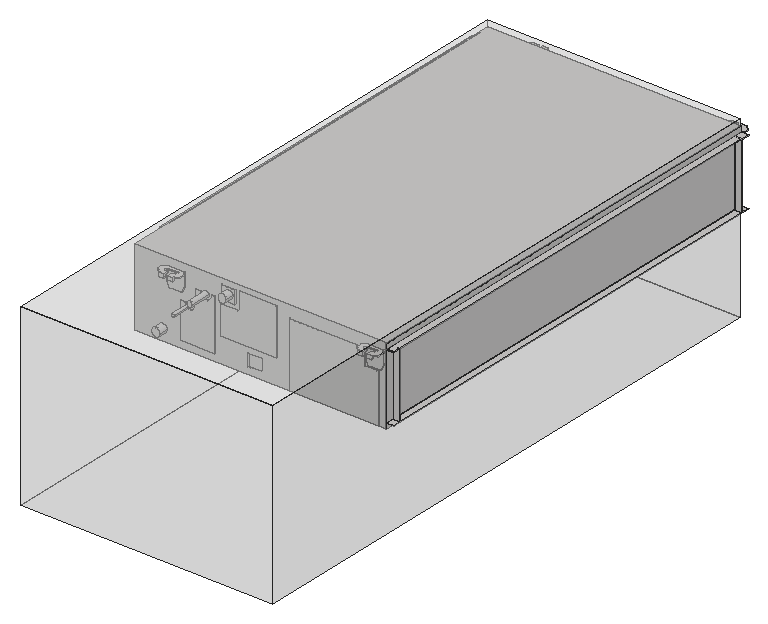
Revit family "outputfile", category 機械設備, Revit 2024
Family settings
  丸型コネクタ寸法 = 半径を使用
  パーツ タイプ = 標準
  OmniClass 番号 = 23.75.10.24.21.27.27
  OmniClass タイトル = Split System Air Conditioning Units
  作業面ベース = いいえ
  常に垂直 = はい
  ロード時にボイドで切り取り = いいえ
  注釈の向きを維持 = いいえ
  共有 = いいえ
  部屋計算ポイント = はい
Parameters (values of type "FBA30CV2S")
  製造元 = "Daikin"
  書き出し IFC クラス(タイプ) = "IfcUnitaryEquipmentType"
  定義済み IFC タイプ(タイプ) = "AIRCONDITIONINGUNIT"
  モデル = "FBA30CV2S"
  switch_frequency = yes
  r_Liquid Pipe Size = Liquid Pipe Size / 2  # 4.75 mm
  r_Gas Pipe Size = Gas Pipe Size / 2  # 7.95 mm
  r_Drain Pipe Size = Drain Pipe Size / 2  # 12.5 mm
  lw_power = 770.0 mm  # constant formula
  lh_SA = 138.0 mm  # constant formula
  lw_SA = if(Width = 550.0 mm, 225.0 mm, if(Width = 700.0 mm, 300.0 mm, if(Width = 1000.0 mm, 450.0 mm, if(Width = 1400.0 mm, 650.0 mm, 725.0 mm))))  # 650.0 mm
  lw_RA = if(Width = 550.0 mm, 275.0 mm, if(Width = 700.0 mm, 349.0 mm, if(Width = 1000.0 mm, 499.0 mm, if(Width = 1400.0 mm, 699.0 mm, 775.0 mm))))  # 699.0 mm
  lh_power = 60.0 mm + [h***]  # 60.0 mm
  lh_mountinghole1 = lh_mountinghole + [h***]  # 222.0 mm
  lh_RA = 123.0 mm  # constant formula
  ld_power = Width / 2  # 700.0 mm
  connector_voltage = Voltage_50Hz  # 220 V
  connector_powerinput = [Power Input (Cooling)]  # 2.540 kW
  connector_phase = Phase_50Hz  # 1
  Voltage_comment_50Hz = "220"
  Voltage_50Hz = 220 V
  Supply Air Direction [instance] = yes
  Phase_50Hz = 1
  Minimum External Static Pressure = 50.00 Pa
  Maximum External Static Pressure = 150.00 Pa
  Material_Casing = DAIKIN_GalvanizedSteel_Casing_indoorunit
  lw_mountinghole = 630.0 mm  # constant formula
  lh_gaspipe = 183.0 mm + [h***]  # 183.0 mm
  lh_mountinghole = 222.0 mm  # constant formula
  lh_liquidpipe = 136.0 mm + [h***]  # 136.0 mm
  lh_drainpipe = 207.0 mm + [h***]  # 207.0 mm
  lh_antena = Height - lh_mountinghole + 1.0 mm  # 24.0 mm
  ld_drainpipe = Width / 2 + 26.0 mm  # 726.0 mm
  ld_liquidpipe = Width / 2 + 69.0 mm  # 769.0 mm
  ld_gaspipe = Width / 2 + 65.0 mm  # 765.0 mm
  ld_mountinghole = Width + 38.0 mm  # 1438.0 mm
  h*** = 0.0 mm  # constant formula
  lw_liquidpipe = 179.0 mm  # constant formula
  lw_gaspipe = 229.0 mm  # constant formula
  lw_drainpipe = 300.0 mm  # constant formula
  Width = 1400.0 mm
  Version = "ver.1.0"
  Unit Type = "Duct"
  Unit Mass Weight = 47.00 kg
  Unit Designation [instance] = ""
  Uniclass2015Version = "Products v1.30"
  Uniclass2015Title = "Split coil room air conditioning units"
  Uniclass2015Code = "Pr_70_65_03_86"
  Total Cooling Capacity [instance] = 0.000 kW
  Sound Pressure Level_M speed (dBA) = 35.5
  Sound Pressure Level_L speed (dBA) = 33
  Sound Pressure Level_H speed (dBA) = 38
  Series = "SkyAir_Fan Coil Unit"
  Sensible Cooling Capacity [instance] = 0.000 kW
  SA Duct Size Width = 1192.0 mm
  SA Duct Size Height = 176.0 mm
  Refrigerant Type = "R32"
  RA Duct Size Width = 1352.0 mm
  RA Duct Size Height = 208.0 mm
  Power Input (Cooling) = 2.540 kW
  Option Accessory 3 [instance] = ""
  Option Accessory 2 [instance] = ""
  Option Accessory 1 [instance] = ""
  Nominal Cooling Capacity = 9.100 kW
  Minimum Airflow = 1350.00 m³/h
  Median Airflow = 1620.00 m³/h
  Maximum Airflow = 1920.00 m³/h
  Load Classification = HVAC
  Liquid Pipe Size = 9.5 mm
  Link_Nested Family [instance] = ""
  IfcVersion = ""
  IfcExportType = "AIRCONDITIONINGUNIT"
  IfcExportAs = "IfcUnitaryEquipmentType"
  Height = 245.0 mm
  Heat Exchanger Type = "Cross Fin Coil"
  Gas Pipe Size = 15.9 mm
  Frequency_50Hz = 50 Hz
  Fan Type = "Sirocco Fan"
  Fan Drive = "Direct Drive"
  FCU Tag No. [instance] = ""
  Drain Pipe Size = 25.0 mm
  Design Supply Airflow [instance] = 0.00 m³/h
  Design Return Airflow [instance] = 0.00 m³/h
  Design External Static Pressure [instance] = 0.00 Pa
  Depth = 800.0 mm
  既定の高さ = 0.0 mm
  Cooling Entering Wet Bulb Temperature [instance] = 0.00 °C
  Cooling Entering Dry Bulb Temperature [instance] = 0.00 °C
  Cooling Ambient Wet Bulb Temperature [instance] = 0.00 °C
  Cooling Ambient Dry Bulb Temperature [instance] = 0.00 °C
  Clearance visibility [instance] = yes
  Clearance Top = 20.0 mm
  Clearance Right = 0.0 mm
  Clearance Rear = 0.0 mm
  Clearance Left = 0.0 mm
  Clearance Front = 450.0 mm
  Clearance Bottom = 300.0 mm
Reference planes
  plane 1 "Center (Front/Back)": y = 0
  plane 2 "h": z = 0
  plane 3 "Center (Left/Right)": x = 0
  plane 4 "Back": y = 700
  plane 5 "Front": y = -700
  plane 6 "Left": x = -400
  plane 7 "Right": x = 400
  plane 8 "Top": z = 0
  plane 9 "Bottom": z = -245
  plane 10: y = -215
  plane 11: y = 700
  plane 12: y = -1150
  plane 13: x = -400
  plane 14: x = 400
  plane 15: z = 20
  plane 16: z = -545
  plane 17: x = -400
  plane 18: x = -399
  plane 19: x = 399
  plane 20: y = 50
  plane 21: y = -1
  plane 22: z = -122
  plane 23: y = -701
  plane 24: z = -109
  plane 25: x = -221
  plane 26: y = -765
  plane 27: z = -62
  plane 28: x = -171
  plane 29: y = -726
  plane 30: z = -38
  plane 31: x = -100
  plane 32: x = -100
  plane 33: x = -221
  plane 34: x = -171
  plane 35: x = 370
  plane 36: x = -266
  plane 37: x = 364
  plane 38: y = -719
  plane 39: y = 719
  plane 40: z = -23
  plane 41: z = -107
  plane 42: y = -769
  plane 43: z = -207
  plane 44: x = -309
  plane 45: y = -376
  plane 46: x = -251
  plane 47: x = -203
  plane 48: x = -144
  plane 49: z = -59
  plane 50: z = -106
  plane 51: z = -221
  plane 52: z = -109
  plane 53: x = -221
  plane 54: z = -62
  plane 55: x = -171
  plane 56: z = -17
  plane 57: z = -59
  plane 58: x = -121
  plane 59: x = -79
  plane 60: x = -125
  plane 61: x = -64
  plane 62: x = 53
  plane 63: z = -164
  plane 64: z = -73
  plane 65: z = -16
  plane 66: x = 93.5
  plane 67: x = 374.5
  plane 68: x = 330
  plane 69: z = -88.5
  plane 70: z = -38
  plane 71: z = -242.5
  plane 72: x = -38.5
  plane 73: x = 6.5
  plane 74: z = -181
  plane 75: z = -221
  plane 76: y = -699
  plane 77: x = -424
  plane 78: x = 424
Forms (mm)
  Extrusion 1, solid, material "DAIKIN_GalvanizedSteel_Casing_indoorunit" <- "Material_Casing"
    sketch origin (0, 0, 0) x (1, 0, 0) y (0, 1, 0)
      loop
        line (-399, 700) -> (-399, -700) -> (399, -700) -> (399, 700) -> (-399, 700)
    from -245 to 0
  Extrusion 2, solid, material "DAIKIN_GalvanizedSteel_Casing_indoorunit" <- "Material_Casing"
    sketch origin (0, 0, 0) x (1, 0, 0) y (0, 0, 1)
      loop
        line (-251, -221) -> (-144, -221) -> (-144, -59) -> (-154.47, -59)
        arc (-154.47, -59) -> (-171, -78.8) -> (-187.53, -59) r 16.8
        line (-187.53, -59) -> (-203, -59) -> (-203, -106) -> (-206.916, -106)
        arc (-206.916, -106) -> (-221, -123.4) -> (-235.084, -106) r 14.4
        line (-235.084, -106) -> (-251, -106) -> (-251, -221)
    from 700 to 701
  Extrusion 3, solid, material "DAIKIN_GalvanizedSteel_Casing_indoorunit" <- "Material_Casing"
    sketch origin (0, 0, 0) x (1, 0, 0) y (0, 0, 1)
      loop
        line (-121, -17) -> (-121, -59) -> (-79, -59) -> (-79, -17) -> (-121, -17)
      loop
        line (-125, -73) -> (-125, -164) -> (53, -164) -> (53, -16) -> (-64, -16) -> (-64, -73) -> (-125, -73)
    from 700 to 701
  Extrusion 4, solid, material "DAIKIN_GalvanizedSteel_Casing_indoorunit" <- "Material_Casing"
    sketch origin (0, 0, 0) x (1, 0, 0) y (0, 0, 1)
      loop
        line (93.5, -38) -> (93.5, -242.5) -> (374.5, -242.5) -> (374.5, -88.5) -> (330, -88.5) -> (330, -38) -> (93.5, -38)
    from 700 to 701
  Extrusion 5, solid, material "DAIKIN_GalvanizedSteel_Casing_indoorunit" <- "Material_Casing"
    sketch origin (0, 0, 0) x (1, 0, 0) y (0, 0, 1)
      loop
        circle (-221, -109) r 4.75
    from 700 to 769
  Extrusion 6, solid, material "DAIKIN_GalvanizedSteel_Casing_indoorunit" <- "Material_Casing"
    sketch origin (0, 0, 0) x (1, 0, 0) y (0, 0, 1)
      loop
        circle (-171, -62) r 7.95
    from 700 to 765
  Extrusion 7, solid, material "DAIKIN_GalvanizedSteel_Casing_indoorunit" <- "Material_Casing"
    sketch origin (0, 0, 0) x (1, 0, 0) y (0, 0, 1)
      loop
        circle (-100, -38) r 12.5
    from 701 to 726
  Extrusion 8, solid, material "DAIKIN_GalvanizedSteel_Casing_indoorunit" <- "Material_Casing"
    sketch origin (0, 0, 0) x (1, 0, 0) y (0, 0, 1)
      loop
        circle (-309, -207) r 13
    from 700 to 726
  Extrusion 9, void
    sketch origin (0, 0, 0) x (1, 0, 0) y (0, 0, 1)
      loop
        line (-38.5, -181) -> (-38.5, -221) -> (6.5, -221) -> (6.5, -181) -> (-38.5, -181)
    from 699 to 700
Cuts and joins
  Extrusion 9 cuts Extrusion 1
Dimensions and locks
  "Height": plane 8 "Top" to plane 9 "Bottom"
  equal spacing: plane 4 "Back", plane 1 "Center (Front/Back)", plane 5 "Front"
  "Width": plane 4 "Back" to plane 5 "Front"
  equal spacing: plane 6 "Left", plane 3 "Center (Left/Right)", plane 7 "Right"
  "Depth": plane 6 "Left" to plane 7 "Right"
  "Clearance Left": plane 13 to plane 6 "Left"
  "Clearance Right": plane 7 "Right" to plane 14
  "Clearance Rear": plane 11 to plane 4 "Back"
  "Clearance Front": plane 5 "Front" to plane 12
  "Clearance Top": plane 15 to plane 8 "Top"
  "Clearance Bottom": plane 9 "Bottom" to plane 16
  locked: plane 17 to plane 18 at 1
  locked: plane 19 to plane 14 at 1
  "lw_RA": plane 21 to plane 5 "Front"
  "lh_RA": plane 22 to plane 9 "Bottom"
  locked: plane 5 "Front" to plane 23 at 1
  "lw_liquidpipe": plane 25 to plane 6 "Left"
  "lh_liquidpipe": plane 24 to plane 9 "Bottom"
  "lh_gaspipe": plane 27 to plane 9 "Bottom"
  "lw_gaspipe": plane 28 to plane 6 "Left"
  "ld_gaspipe": plane 26 to plane 1 "Center (Front/Back)"
  "ld_drainpipe": plane 29 to plane 1 "Center (Front/Back)"
  "lh_drainpipe": plane 30 to plane 9 "Bottom"
  "lw_drainpipe": plane 31 to plane 6 "Left"
  "lw_drainpipe": plane 6 "Left" to plane 32
  "lw_liquidpipe": plane 6 "Left" to plane 33
  "lw_gaspipe": plane 6 "Left" to plane 34
  "lw_power": plane 6 "Left" to plane 35
  locked: plane 17 to plane 36 at 134
  "lw_mountinghole": plane 36 to plane 37
  equal spacing: plane 38, plane 1 "Center (Front/Back)", plane 39
  "ld_mountinghole": plane 39 to plane 38
  "lh_mountinghole": plane 40 to plane 9 "Bottom"
  "lh_SA": plane 41 to plane 9 "Bottom"
  locked: plane 44 to plane 6 "Left" at 91
  locked: plane 43 to plane 9 "Bottom" at 38
  plane 48 to plane 47 to plane 46 to plane 6 "Left" = 59.0 mm, 48.0 mm, 149.0 mm
  plane 8 "Top" to plane 49 to plane 50 to plane 51 = 59.0 mm locked, 47.0 mm locked, 115.0 mm locked
  plane 55 to plane 53 to plane 6 "Left" = 50.0 mm locked, 179.0 mm locked
  plane 54 to plane 52 to plane 9 "Bottom" = 47.0 mm locked, 136.0 mm locked
  plane 59 to plane 58 to plane 6 "Left" = 42.0 mm locked, 279.0 mm locked
  plane 8 "Top" to plane 56 to plane 57 = 17.0 mm locked, 42.0 mm locked
  plane 62 to plane 61 to plane 60 to plane 6 "Left" = 117.0 mm, 61.0 mm, 275.0 mm
  plane 8 "Top" to plane 65 to plane 64 = 16.0 mm locked, 57.0 mm locked
  locked: plane 65 to plane 63 at 148
  plane 8 "Top" to plane 70 to plane 69 to plane 71 = 38.0 mm locked, 50.5 mm locked, 154.0 mm locked
  plane 67 to plane 68 to plane 66 to plane 6 "Left" = 44.5 mm locked, 236.5 mm locked, 493.5 mm locked
  plane 8 "Top" to plane 74 to plane 75 = 181.0 mm locked, 40.0 mm locked
  plane 73 to plane 72 to plane 6 "Left" = 45.0 mm, 361.5 mm
  locked: plane 76 to plane 5 "Front" at 1
  locked: plane 77 to plane 17 at 24
  locked: plane 14 to plane 78 at 24
  "ld_liquidpipe": plane 42 to plane 1 "Center (Front/Back)"
  "lw_SA": plane 4 "Back" to plane 20
  "r_Liquid Pipe Size": radius of Extrusion 5 sketch curve
  "r_Gas Pipe Size": radius of Extrusion 6 sketch curve
  "r_Drain Pipe Size": radius of Extrusion 7 sketch curve
  aligned and locked: level to plane 2 "h"
  aligned and locked: plane 8 "Top" to Extrusion 1
  aligned and locked: Extrusion 1 to plane 9 "Bottom"
  aligned and locked: nested 5 to plane 12
  aligned and locked: plane 13 to nested 5
  aligned and locked: plane 14 to nested 5
  aligned and locked: nested 5 to plane 13
  aligned and locked: plane 11 to nested 5
  aligned and locked: plane 15 to nested 5
  aligned and locked: plane 16 to nested 5
  aligned and locked: plane 5 "Front" to Extrusion 1 sketch curve
  aligned and locked: Extrusion 1 to plane 18
  aligned and locked: plane 19 to Extrusion 1
  aligned and locked: nested 7 to plane 18
  aligned and locked: nested 7 to plane 20
  aligned and locked: plane 19 to nested 8
  aligned and locked: plane 21 to nested 8
  aligned and locked: plane 22 to nested 8
  aligned and locked: Extrusion 2 to plane 23
  aligned and locked: plane 5 "Front" to Extrusion 2
  aligned and locked: Extrusion 3 to plane 23
  aligned and locked: plane 5 "Front" to Extrusion 3
  aligned and locked: plane 5 "Front" to Extrusion 4
  aligned and locked: Extrusion 5 sketch curve to plane 25
  aligned and locked: plane 24 to Extrusion 5 sketch curve
  aligned and locked: plane 5 "Front" to Extrusion 5
  aligned and locked: Extrusion 6 sketch curve to plane 28
  aligned and locked: plane 27 to Extrusion 6 sketch curve
  aligned and locked: plane 5 "Front" to Extrusion 6
  aligned and locked: Extrusion 7 sketch curve to plane 31
  aligned and locked: Extrusion 7 sketch curve to plane 30
  aligned and locked: Extrusion 7 to plane 29
  aligned and locked: plane 23 to Extrusion 7
  aligned and locked: nested 3 to plane 29
  aligned and locked: nested 3 to plane 32
  aligned and locked: nested 2 to plane 33
  aligned and locked: nested 1 to plane 34
  aligned and locked: Extrusion 6 to plane 26
  aligned and locked: nested 1 to plane 26
  aligned and locked: nested 6 to plane 5 "Front"
  aligned and locked: nested 6 to plane 35
  aligned and locked: plane 36 to nested 10
  aligned and locked: nested 10 to plane 5 "Front"
  aligned and locked: plane 37 to nested 9
  aligned and locked: nested 9 to plane 5 "Front"
  aligned and locked: nested 11 to plane 36
  aligned and locked: plane 4 "Back" to nested 11
  aligned and locked: nested 12 to plane 37
  aligned and locked: plane 4 "Back" to nested 12
  aligned and locked: plane 40 to nested 10
  aligned and locked: plane 40 to nested 11
  aligned and locked: plane 40 to nested 9
  aligned and locked: plane 40 to nested 12
  aligned and locked: plane 36 to nested 14
  aligned and locked: nested 14 to plane 39
  aligned and locked: plane 37 to nested 13
  aligned and locked: nested 13 to plane 39
  aligned and locked: plane 37 to nested 16
  aligned and locked: plane 38 to nested 16
  aligned and locked: plane 38 to nested 15
  aligned and locked: plane 36 to nested 15
  aligned and locked: plane 17 to plane 6 "Left"
  aligned and locked: plane 41 to nested 7
  aligned and locked: Extrusion 5 to plane 42
  aligned and locked: nested 2 to plane 42
  aligned and locked: Extrusion 8 sketch curve to plane 44
  aligned and locked: plane 43 to Extrusion 8 sketch curve
  aligned and locked: plane 5 "Front" to Extrusion 8
  aligned and locked: Extrusion 3 sketch curve to plane 56
  aligned and locked: Extrusion 3 sketch curve to plane 58
  aligned and locked: plane 57 to Extrusion 3 sketch curve
  aligned and locked: plane 59 to Extrusion 3 sketch curve
  aligned and locked: Extrusion 4 to plane 23
  aligned and locked: Extrusion 9 sketch curve to plane 74
  aligned and locked: plane 75 to Extrusion 9 sketch curve
  aligned and locked: plane 73 to Extrusion 9 sketch curve
  aligned and locked: plane 5 "Front" to Extrusion 9
  aligned and locked: plane 76 to Extrusion 9
  aligned and locked: nested 17 to plane 20
  aligned and locked: nested 17 to plane 77
  aligned and locked: plane 21 to nested 18
  aligned and locked: plane 78 to nested 18
  aligned and locked: plane 41 to nested 17
  aligned and locked: nested 18 to plane 22
  aligned and locked: nested 4 to plane 3 "Center (Left/Right)"
  aligned and locked: plane 1 "Center (Front/Back)" to nested 4
  aligned and locked: level to plane 8 "Top"
  aligned and locked: Extrusion 8 to plane 29
Automatic sketch dimensions
  plane 6 "Left" to Extrusion 1 sketch curve = 1.0 mm
  Extrusion 1 sketch curve to plane 7 "Right" = 1.0 mm
  Extrusion 1 sketch curve to plane 4 "Back" = 0.0 mm
  Extrusion 2 sketch curve to plane 46 = 0.0 mm
  Extrusion 2 sketch curve to plane 33 = 0.0 mm
  Extrusion 2 sketch curve to plane 47 = 0.0 mm
  Extrusion 2 sketch curve to plane 34 = 0.0 mm
  Extrusion 2 sketch curve to plane 48 = 0.0 mm
  Extrusion 2 sketch curve to plane 51 = 0.0 mm
  Extrusion 2 sketch curve to plane 52 = 0.0 mm
  Extrusion 2 sketch curve to plane 50 = 0.0 mm  (x3)
  Extrusion 2 sketch curve to plane 54 = 0.0 mm
  Extrusion 2 sketch curve to plane 49 = 0.0 mm  (x3)
  plane 33 to Extrusion 2 sketch curve = 14.084 mm
  plane 34 to Extrusion 2 sketch curve = 16.53 mm
  Extrusion 3 sketch curve to plane 60 = 0.0 mm
  Extrusion 3 sketch curve to plane 61 = 0.0 mm
  Extrusion 3 sketch curve to plane 62 = 0.0 mm
  Extrusion 3 sketch curve to plane 63 = 0.0 mm
  Extrusion 3 sketch curve to plane 64 = 0.0 mm
  Extrusion 3 sketch curve to plane 65 = 0.0 mm
  Extrusion 4 sketch curve to plane 66 = 0.0 mm
  Extrusion 4 sketch curve to plane 68 = 0.0 mm
  Extrusion 4 sketch curve to plane 67 = 0.0 mm
  Extrusion 4 sketch curve to plane 71 = 0.0 mm
  Extrusion 4 sketch curve to plane 69 = 0.0 mm
  Extrusion 4 sketch curve to plane 70 = 0.0 mm
  Extrusion 9 sketch curve to plane 72 = 0.0 mm
  radius of Extrusion 8 sketch curve = 13.0 mm
Nested families
  nested 1: "daikin_connector_rotate2" at (-171, 0, -62), length <- "ld_gaspipe", built-in parameter 1001364 <- "lh_gaspipe", radius <- "r_Gas Pipe Size", type "daikin_connector_rotate2"
    with radius 7.95 mm, length 765.0 mm, angle_vertical 90.00°
  nested 2: "daikin_connector_rotate2" at (-221, 0, -109), length <- "ld_liquidpipe", built-in parameter 1001364 <- "lh_liquidpipe", radius <- "r_Liquid Pipe Size", type "daikin_connector_rotate2"
    with radius 4.75 mm, length 769.0 mm, angle_vertical 90.00°
  nested 3: "daikin_connector_rotate2" at (-100, 0, -38), length <- "ld_drainpipe", built-in parameter 1001364 <- "lh_drainpipe", radius <- "r_Drain Pipe Size", type "daikin_connector_rotate2"
    with radius 12.5 mm, length 726.0 mm, angle_vertical 90.00°
  nested 4: "daikin_△_symbolicline" at (0, 0, 245) x (0, -1, 0) z (0, 0, 1), built-in parameter 1001364 <- "Height", visible <- "Supply Air Direction", type "daikin_△_symbolicline"
    with length 200.0 mm
  nested 5: "daikin_clearancespace" at (0, -225, -262.381), visible <- "Clearance visibility", show <- "Clearance visibility", Link_Nested Family <- "Link_Nested Family", type "daikin_clearancespace"
    with width 800.0 mm, show yes, height 565.0 mm, depth 1850.0 mm, Link_Nested Family ""
  nested 6: "daikin_connector_rotate2" at (370, 0, -185), built-in parameter 1001364 <- "lh_power", length <- "ld_power", type "daikin_connector_rotate2"
    with radius 10.0 mm, length 700.0 mm, angle_vertical 90.00°
  nested 7: "daikin_ductflange_FBA-CV2S2" at (-399, 50, -107) x (0, -1, 0) z (0, 0, 1), type "daikin_ductflange_FBA-CV2S2"
  nested 8: "daikin_ductflange_FBA-CV2S" at (399, -1, -122) x (0, 1, 0) z (0, 0, 1), type "daikin_ductflange_FBA-CV2S"
    with width 1352.0 mm, lw 25.0 mm, w 1400.0 mm
  nested 9: "daikin_hangerfixture_FBA-CV2S" at (364, -700, -23), type "daikin_hangerfixture_FBA-CV2S"
  nested 10: "daikin_hangerfixture_FBA-CV2S" at (-266, -700, -23), type "daikin_hangerfixture_FBA-CV2S"
  nested 11: "daikin_hangerfixture_FBA-CV2S" at (-266, 700, -23) x (-1, 0, 0) z (0, 0, 1), type "daikin_hangerfixture_FBA-CV2S"
  nested 12: "daikin_hangerfixture_FBA-CV2S" at (364, 700, -23) x (-1, 0, 0) z (0, 0, 1), type "daikin_hangerfixture_FBA-CV2S"
  nested 13: "daikin_mountinghole" at (364, 719, -245), h_mountinghole <- "lh_mountinghole1", l_antenna <- "lh_antena", Link_Nested Family <- "Link_Nested Family", type "daikin_mountinghole"
    with show yes, l_antenna 24.0 mm, h_mountinghole 222.0 mm, Link_Nested Family ""
  nested 14: "daikin_mountinghole" at (-266, 719, -245), h_mountinghole <- "lh_mountinghole1", l_antenna <- "lh_antena", Link_Nested Family <- "Link_Nested Family", type "daikin_mountinghole"
    with show yes, l_antenna 24.0 mm, h_mountinghole 222.0 mm, Link_Nested Family ""
  nested 15: "daikin_mountinghole" at (-266, -719, -245), h_mountinghole <- "lh_mountinghole1", l_antenna <- "lh_antena", Link_Nested Family <- "Link_Nested Family", type "daikin_mountinghole"
    with show yes, l_antenna 24.0 mm, h_mountinghole 222.0 mm, Link_Nested Family ""
  nested 16: "daikin_mountinghole" at (364, -719, -245), h_mountinghole <- "lh_mountinghole1", l_antenna <- "lh_antena", Link_Nested Family <- "Link_Nested Family", type "daikin_mountinghole"
    with show yes, l_antenna 24.0 mm, h_mountinghole 222.0 mm, Link_Nested Family ""
  nested 17: "daikin_connector_rotate2" at (-400, 50, -107) x (0, -1, 0) z (0, 0, 1), type "daikin_connector_rotate2"
    with radius 10.0 mm, length 24.0 mm, angle_vertical 90.00°
  nested 18: "daikin_connector_rotate2" at (400, -1, -122) x (0, 1, 0) z (0, 0, 1), type "daikin_connector_rotate2"
    with radius 10.0 mm, length 24.0 mm, angle_vertical 90.00°
Connectors
  piping at (-100, -726, -38), diameter 25, driven by "r_Drain Pipe Size"
    settings: on nested 3, index 3, connector inside diameter 609.6 mm, connector length 0.0 mm, flow factor 0, pipe flow 0.00 m³/h, pressure drop 0.0 Pa, fitting loss kfactor 0, connector angle 0.00°, fixture units 0, engagement length 0.0 mm, angle of deflection 0.00°, flow configuration 1, flow direction 2, fitting loss method 4, system type 16, joint type 0, gender type 0, connector reference index -1, connector utility 0, adjustable connector no, is connector primary yes, connector description "Condensate Drain Piping"
  piping at (-171, -765, -62), diameter 15.9, driven by "r_Gas Pipe Size"
    settings: on nested 1, index 4, connector inside diameter 609.6 mm, connector length 0.0 mm, flow factor 0, pipe flow 0.00 m³/h, pressure drop 0.0 Pa, fitting loss kfactor 0, connector angle 0.00°, fixture units 0, engagement length 0.0 mm, angle of deflection 0.00°, flow configuration 1, flow direction 2, fitting loss method 0, system type 29, joint type 0, gender type 0, connector reference index -1, connector utility 0, adjustable connector no, is connector primary no, connector description "Refrigerant Gas Piping"
  piping at (-221, -769, -109), diameter 9.5, driven by "r_Liquid Pipe Size"
    settings: on nested 2, index 5, connector inside diameter 609.6 mm, connector length 0.0 mm, flow factor 0, pipe flow 0.00 m³/h, pressure drop 0.0 Pa, fitting loss kfactor 0, connector angle 0.00°, fixture units 0, engagement length 0.0 mm, angle of deflection 0.00°, flow configuration 1, flow direction 1, fitting loss method 0, system type 29, joint type 0, gender type 0, connector reference index -1, connector utility 0, adjustable connector no, is connector primary no, connector description "Refrigerant Liquid Piping"
  electrical at (370, -700, -185), driven by "Load Classification", driven by "connector_voltage", driven by "connector_phase", driven by "connector_powerinput"
    settings: on nested 6, index 6, voltage 220 V, apparent load 2540 VA, apparent load phase1 0 VA, apparent load phase2 0 VA, apparent load phase3 0 VA, power factor 1, load classification "HVAC", number of poles 1, system type 30, power factor state 1, is connector primary yes, connector utility no, sub classification motor no, connector description "Power Supply"
  hvac at (-424, 50, -107), driven by "SA Duct Size Height", driven by "SA Duct Size Width"
    settings: on nested 17, index 7, duct flow 0.00 m³/h, flow factor 0, pres drop 0.00 Pa, loss coef 0, conn angle 0.00°, conn width 1192.0 mm, conn height 176.0 mm, conn diameter 609.6 mm, duct sys type 1, conn prof type 1, flow config 0, flow direction 2, loss method 4, conn ref index -1, conn util no, is conn primary yes, conn desc "SA Duct"
  hvac at (424, -1, -122), driven by "RA Duct Size Height", driven by "RA Duct Size Width"
    settings: on nested 18, index 8, duct flow 0.00 m³/h, flow factor 0, pres drop 0.00 Pa, loss coef 0, conn angle 0.00°, conn width 1352.0 mm, conn height 208.0 mm, conn diameter 609.6 mm, duct sys type 2, conn prof type 1, flow config 0, flow direction 1, loss method 4, conn ref index -1, conn util no, is conn primary no, conn desc "RA Duct"
Definition of nested family "daikin_clearancespace"
  Parameters (values of type "daikin_clearancespace")
    Description = "daikin_clearancespace"
    width [instance] = 1823.963 mm
    show [instance] = yes
    material = none
    height [instance] = 1359.762 mm
    depth [instance] = 880.0 mm
    Default Elevation = 0.0 mm
    Link_Nested Family [instance] = ""
  Reference planes
    plane 1 "Center (Front/Back)": y = 0
    plane 2 "Center (Elevation)": z = -0.119
    plane 3 "Center (Left/Right)": x = 0
    plane 4: y = 440
    plane 5: y = -440
    plane 6 "Right": x = 911.982
    plane 7 "Left": x = -911.982
    plane 8 "Top": z = 679.762
    plane 9 "Bottom": z = -680
  Forms (mm)
    Extrusion 1, solid, material <- "material", visible <- "show"
      sketch origin (0, 0, 0) x (1, 0, 0) y (0, 1, 0)
        loop
          line (-911.982, 440) -> (-911.982, -440) -> (911.982, -440) -> (911.982, 440) -> (-911.982, 440)
      from -680 to 679.762
  Lines and regions (mm)
    symbolic lines, visible <- "show"
      curve 1: line (911.982, 440, 0) -> (-911.982, 440, 0)
      curve 2: line (-911.982, 440, 0) -> (-911.982, -440, 0)
      curve 3: line (-911.982, -440, 0) -> (911.982, -440, 0)
      curve 4: line (911.982, -440, 0) -> (911.982, 440, 0)
      curve 5: line (911.982, 0, 679.762) -> (-911.982, 0, 679.762)
      curve 6: line (911.982, 0, -680) -> (911.982, 0, 679.762)
      curve 7: line (-911.982, 0, -680) -> (911.982, 0, -680)
      curve 8: line (-911.982, 0, 679.762) -> (-911.982, 0, -680)
      curve 9: line (0, 440, 679.762) -> (0, -440, 679.762)
      curve 10: line (0, -440, 679.762) -> (0, -440, -680)
      curve 11: line (0, 440, -680) -> (0, 440, 679.762)
      curve 12: line (0, -440, -680) -> (0, 440, -680)
  Dimensions and locks
    "width": plane 7 "Left" to plane 6 "Right"
    "depth": plane 4 to plane 5
    "height": plane 8 "Top" to plane 9 "Bottom"
    equal spacing: plane 7 "Left", plane 3 "Center (Left/Right)", plane 6 "Right"
    equal spacing: plane 4, plane 1 "Center (Front/Back)", plane 5
    equal spacing: plane 8 "Top", plane 2 "Center (Elevation)", plane 9 "Bottom"
    aligned and locked: level to plane 2 "Center (Elevation)"
    aligned and locked: Extrusion 1 sketch curve to plane 4
    aligned and locked: plane 7 "Left" to Extrusion 1 sketch curve
    aligned and locked: Extrusion 1 sketch curve to plane 5
    aligned and locked: Extrusion 1 sketch curve to plane 6 "Right"
    aligned and locked: plane 8 "Top" to Extrusion 1
    aligned and locked: curve 1 to Extrusion 1
    aligned and locked: curve 2 to Extrusion 1
    aligned and locked: curve 3 to Extrusion 1
    aligned and locked: curve 4 to Extrusion 1
    aligned and locked: curve 5 to Extrusion 1
    aligned and locked: curve 6 to Extrusion 1
    aligned and locked: curve 7 to Extrusion 1
    aligned and locked: curve 8 to Extrusion 1
    aligned and locked: curve 9 to Extrusion 1
    aligned and locked: curve 10 to Extrusion 1
    aligned and locked: curve 11 to Extrusion 1
    aligned and locked: curve 12 to Extrusion 1
    aligned and locked: Extrusion 1 to plane 9 "Bottom"
Definition of nested family "daikin_ductflange_FBA-CV2S2"
  Parameters (values of type "daikin_ductflange_FBFC-DVMG2")
    width = if(w = 550.0 mm, 337.0 mm, if(w = 700.0 mm, 492.0 mm, if(w = 1000.0 mm, 792.0 mm, if(w = 1400.0 mm, 1192.0 mm, 1337.0 mm))))  # 1192.0 mm
    material = none
    height = 215.0 mm
    depth = 1.0 mm
    w = 1400.0 mm
    Default Elevation = 0.0 mm
  Reference planes
    plane 1 "Center (Front/Back)": y = 0
    plane 2: z = 0
    plane 3 "Center (Left/Right)": x = 0
    plane 4: z = 88
    plane 5: z = -88
    plane 6: y = -25
    plane 7: z = 106
    plane 8: z = 89
    plane 9: y = -1
    plane 10: x = -617.5
    plane 11: x = 617.5
    plane 12: z = -106
    plane 13: z = -89
    plane 14: y = -1
    plane 15: x = 596
    plane 16: x = -596
    plane 17: x = 597
    plane 18: z = 87
    plane 19: z = -87
    plane 20: x = -597
    plane 21: z = 87
    plane 22: z = -87
    plane 23: y = -1
  Forms (mm)
    Extrusion 1, solid, material <- "material"
      sketch origin (0, 0, 0) x (0, 1, 0) y (0, 0, 1)
        loop
          line (-25, 88) -> (0, 88) -> (0, 106) -> (-1, 106) -> (-1, 89) -> (-25, 89) -> (-25, 88)
      from -617.5 to 617.5
    Extrusion 2, solid, material <- "material"
      sketch origin (0, 0, 0) x (0, 1, 0) y (0, 0, 1)
        loop
          line (-25, -88) -> (-25, -89) -> (-1, -89) -> (-1, -106) -> (0, -106) -> (0, -88) -> (-25, -88)
      from -617.5 to 617.5
    Extrusion 3, solid, material <- "material"
      sketch origin (0, 0, 0) x (1, 0, 0) y (0, 0, 1)
        loop
          line (596, 88) -> (596, -88) -> (617.5, -88) -> (617.5, -87) -> (597, -87) -> (597, 87) -> (617.5, 87) -> (617.5, 88) -> (596, 88)
      from 0 to 25
    Extrusion 4, solid, material <- "material"
      sketch origin (0, 0, 0) x (1, 0, 0) y (0, 0, 1)
        loop
          line (-617.5, 88) -> (-617.5, 87) -> (-597, 87) -> (-597, -87) -> (-617.5, -87) -> (-617.5, -88) -> (-596, -88) -> (-596, 88) -> (-617.5, 88)
      from 0 to 25
    Extrusion 5, solid, material <- "material"
      sketch origin (0, 0, 0) x (1, 0, 0) y (0, 0, 1)
        loop
          line (-617.5, 88) -> (-617.5, -88) -> (-596, -88) -> (-596, 88) -> (-617.5, 88)
        loop
          line (617.5, 88) -> (596, 88) -> (596, -88) -> (617.5, -88) -> (617.5, 88)
      from 0 to 1
  Cuts and joins
    joined: Extrusion 1, Extrusion 2, Extrusion 3, Extrusion 4, Extrusion 5
  Dimensions and locks
    plane 4 to level to plane 5 = 88.0 mm, 88.0 mm
    locked: plane 6 to plane 1 "Center (Front/Back)" at 25
    locked: plane 9 to plane 1 "Center (Front/Back)" at 1
    locked: plane 8 to plane 4 at 1
    locked: plane 16 to plane 10 at 21.5
    locked: plane 17 to plane 15 at 1
    locked: plane 4 to plane 18 at 1
    locked: plane 19 to plane 5 at 1
    "width": plane 15 to plane 16
    plane 4 to plane 5 = 176.0 mm
    locked: plane 16 to plane 20 at 1
    locked: plane 4 to plane 21 at 1
    locked: plane 22 to plane 5 at 1
    locked: plane 23 to plane 1 "Center (Front/Back)" at 1
    plane 4 to level to plane 5 = 88.0 mm locked, 88.0 mm locked
    locked: plane 5 to plane 13 at 1
    locked: plane 5 to plane 12 at 18
    locked: plane 7 to plane 4 at 18
    equal spacing: plane 15, plane 3 "Center (Left/Right)", plane 16
    locked: plane 11 to plane 15 at 21.5
    plane 11 to plane 10 = 1235.0 mm
    aligned and locked: level to plane 2
    aligned and locked: Extrusion 1 to plane 10
    aligned and locked: plane 11 to Extrusion 1
    aligned and locked: plane 5 to Extrusion 2
    aligned and locked: Extrusion 2 to plane 1 "Center (Front/Back)"
    aligned and locked: plane 15 to Extrusion 3 sketch curve
    aligned and locked: Extrusion 3 sketch curve to Extrusion 2  (x2)
    aligned and locked: Extrusion 3 sketch curve to plane 11
    aligned and locked: plane 6 to Extrusion 3
    aligned and locked: Extrusion 2 to plane 10
    aligned and locked: plane 11 to Extrusion 2
    aligned and locked: Extrusion 4 sketch curve to Extrusion 1  (x2)
    aligned and locked: plane 5 to Extrusion 4 sketch curve
    aligned and locked: Extrusion 4 sketch curve to plane 16
    aligned and locked: Extrusion 4 sketch curve to plane 22
    aligned and locked: plane 20 to Extrusion 4 sketch curve
    aligned and locked: plane 21 to Extrusion 4 sketch curve
    aligned and locked: Extrusion 4 to plane 1 "Center (Front/Back)"
    aligned and locked: plane 6 to Extrusion 4
    aligned and locked: Extrusion 5 sketch curve to Extrusion 1  (x4)
    aligned and locked: Extrusion 5 sketch curve to Extrusion 4  (x2)
    aligned and locked: Extrusion 5 sketch curve to Extrusion 3  (x2)
    aligned and locked: Extrusion 5 to plane 1 "Center (Front/Back)"
    aligned and locked: plane 23 to Extrusion 5
  Automatic sketch dimensions
    Extrusion 1 sketch curve to plane 6 = 0.0 mm
    Extrusion 1 sketch curve to plane 7 = 0.0 mm
    Extrusion 1 sketch curve to plane 9 = 0.0 mm
    Extrusion 1 sketch curve to plane 1 "Center (Front/Back)" = 0.0 mm
    Extrusion 1 sketch curve to plane 4 = 0.0 mm
    Extrusion 1 sketch curve to plane 8 = 0.0 mm
    Extrusion 2 sketch curve to plane 6 = 0.0 mm
    plane 12 to Extrusion 2 sketch curve = 0.0 mm
    Extrusion 2 sketch curve to plane 14 = 0.0 mm
    Extrusion 2 sketch curve to plane 1 "Center (Front/Back)" = 0.0 mm
    plane 13 to Extrusion 2 sketch curve = 0.0 mm
    Extrusion 2 sketch curve to plane 5 = 0.0 mm
    Extrusion 3 sketch curve to plane 17 = 0.0 mm
    Extrusion 3 sketch curve to plane 19 = 0.0 mm
    Extrusion 3 sketch curve to plane 18 = 0.0 mm
    Extrusion 3 sketch curve to plane 4 = 0.0 mm
    Extrusion 4 sketch curve to plane 10 = 0.0 mm
Definition of nested family "daikin_ductflange_FBA-CV2S"
  Parameters (values of type "daikin_ductflange_FBFC-DVMG")
    width = if(w = 550.0 mm, 502.0 mm, if(w = 700.0 mm, 654.0 mm, if(w = 1000.0 mm, 952.0 mm, if(w = 1400.0 mm, 1352.0 mm, 1502.0 mm))))  # 654.0 mm
    material = none
    lw = if(width = 654.0 mm, 23.0 mm, 25.0 mm)  # 23.0 mm
    height = 208.0 mm
    depth = 1.0 mm
    w = 700.0 mm
    Default Elevation = 0.0 mm
  Reference planes
    plane 1 "Center (Front/Back)": y = 0
    plane 2: z = 0
    plane 3 "Center (Left/Right)": x = 0
    plane 4: z = 104
    plane 5: z = -104
    plane 6: y = -25
    plane 7: z = 121
    plane 8: z = 105
    plane 9: y = -1
    plane 10: x = -350
    plane 11: x = 350
    plane 12: z = -122
    plane 13: z = -105
    plane 14: y = -1
    plane 15: x = 327
    plane 16: x = -327
    plane 17: x = 328
    plane 18: z = 103
    plane 19: z = -103
    plane 20: x = -328
    plane 21: z = 103
    plane 22: z = -103
    plane 23: y = -1
  Forms (mm)
    Extrusion 1, solid, material <- "material"
      sketch origin (0, 0, 0) x (0, 1, 0) y (0, 0, 1)
        loop
          line (-25, 104) -> (0, 104) -> (0, 121) -> (-1, 121) -> (-1, 105) -> (-25, 105) -> (-25, 104)
      from -350 to 350
    Extrusion 2, solid, material <- "material"
      sketch origin (0, 0, 0) x (0, 1, 0) y (0, 0, 1)
        loop
          line (-25, -104) -> (-25, -105) -> (-1, -105) -> (-1, -122) -> (0, -122) -> (0, -104) -> (-25, -104)
      from -350 to 350
    Extrusion 3, solid, material <- "material"
      sketch origin (0, 0, 0) x (1, 0, 0) y (0, 0, 1)
        loop
          line (327, 104) -> (327, -104) -> (350, -104) -> (350, -103) -> (328, -103) -> (328, 103) -> (350, 103) -> (350, 104) -> (327, 104)
      from 0 to 25
    Extrusion 4, solid, material <- "material"
      sketch origin (0, 0, 0) x (1, 0, 0) y (0, 0, 1)
        loop
          line (-350, 104) -> (-350, 103) -> (-328, 103) -> (-328, -103) -> (-350, -103) -> (-350, -104) -> (-327, -104) -> (-327, 104) -> (-350, 104)
      from 0 to 25
    Extrusion 5, solid, material <- "material"
      sketch origin (0, 0, 0) x (1, 0, 0) y (0, 0, 1)
        loop
          line (-350, 104) -> (-350, -104) -> (-327, -104) -> (-327, 104) -> (-350, 104)
        loop
          line (350, 104) -> (327, 104) -> (327, -104) -> (350, -104) -> (350, 104)
      from 0 to 1
  Cuts and joins
    joined: Extrusion 1, Extrusion 2, Extrusion 3, Extrusion 4, Extrusion 5
  Dimensions and locks
    plane 4 to level to plane 5 = 104.0 mm, 104.0 mm
    locked: plane 6 to plane 1 "Center (Front/Back)" at 25
    locked: plane 9 to plane 1 "Center (Front/Back)" at 1
    locked: plane 8 to plane 4 at 1
    "lw": plane 11 to plane 15
    "lw": plane 16 to plane 10
    locked: plane 17 to plane 15 at 1
    locked: plane 4 to plane 18 at 1
    locked: plane 19 to plane 5 at 1
    "width": plane 15 to plane 16
    equal spacing: plane 15, plane 3 "Center (Left/Right)", plane 16
    locked: plane 16 to plane 20 at 1
    locked: plane 4 to plane 21 at 1
    locked: plane 22 to plane 5 at 1
    locked: plane 23 to plane 1 "Center (Front/Back)" at 1
    locked: plane 7 to plane 4 at 17
    locked: plane 1 "Center (Front/Back)" to plane 14 at 1
    locked: plane 5 to plane 13 at 1
    "height": plane 4 to plane 5
    plane 11 to plane 10 = 700.0 mm
    locked: plane 12 to plane 13 at 17
    equal spacing: plane 4, level, plane 5
    aligned and locked: level to plane 2
    aligned and locked: Extrusion 1 to plane 10
    aligned and locked: plane 11 to Extrusion 1
    aligned and locked: plane 5 to Extrusion 2
    aligned and locked: Extrusion 2 to plane 1 "Center (Front/Back)"
    aligned and locked: plane 15 to Extrusion 3 sketch curve
    aligned and locked: Extrusion 3 sketch curve to Extrusion 2  (x2)
    aligned and locked: Extrusion 3 sketch curve to plane 11
    aligned and locked: plane 6 to Extrusion 3
    aligned and locked: Extrusion 2 to plane 10
    aligned and locked: plane 11 to Extrusion 2
    aligned and locked: Extrusion 4 sketch curve to Extrusion 1  (x2)
    aligned and locked: plane 5 to Extrusion 4 sketch curve
    aligned and locked: Extrusion 4 sketch curve to plane 16
    aligned and locked: Extrusion 4 sketch curve to plane 22
    aligned and locked: plane 20 to Extrusion 4 sketch curve
    aligned and locked: plane 21 to Extrusion 4 sketch curve
    aligned and locked: Extrusion 4 to plane 1 "Center (Front/Back)"
    aligned and locked: plane 6 to Extrusion 4
    aligned and locked: Extrusion 5 sketch curve to Extrusion 1  (x4)
    aligned and locked: Extrusion 5 sketch curve to Extrusion 4  (x2)
    aligned and locked: Extrusion 5 sketch curve to Extrusion 3  (x2)
    aligned and locked: Extrusion 5 to plane 1 "Center (Front/Back)"
    aligned and locked: plane 23 to Extrusion 5
  Automatic sketch dimensions
    Extrusion 1 sketch curve to plane 6 = 0.0 mm
    Extrusion 1 sketch curve to plane 7 = 0.0 mm
    Extrusion 1 sketch curve to plane 9 = 0.0 mm
    Extrusion 1 sketch curve to plane 1 "Center (Front/Back)" = 0.0 mm
    Extrusion 1 sketch curve to plane 4 = 0.0 mm
    Extrusion 1 sketch curve to plane 8 = 0.0 mm
    Extrusion 2 sketch curve to plane 6 = 0.0 mm
    plane 12 to Extrusion 2 sketch curve = 0.0 mm
    Extrusion 2 sketch curve to plane 14 = 0.0 mm
    Extrusion 2 sketch curve to plane 1 "Center (Front/Back)" = 0.0 mm
    plane 13 to Extrusion 2 sketch curve = 0.0 mm
    Extrusion 2 sketch curve to plane 5 = 0.0 mm
    Extrusion 3 sketch curve to plane 17 = 0.0 mm
    Extrusion 3 sketch curve to plane 19 = 0.0 mm
    Extrusion 3 sketch curve to plane 18 = 0.0 mm
    Extrusion 3 sketch curve to plane 4 = 0.0 mm
    Extrusion 4 sketch curve to plane 10 = 0.0 mm
Definition of nested family "daikin_hangerfixture_FBA-CV2S"
  Parameters (values of type "daikin_hangerfixture_FXMQ-PAVE")
    width = 72.0 mm
    material = none
    height = 60.0 mm
    depth = 41.0 mm
    Default Elevation = 0.0 mm
  Reference planes
    plane 1 "Center (Front/Back)": y = 0
    plane 2: z = 0
    plane 3 "Center (Left/Right)": x = 0
    plane 4: y = 417.146
    plane 5: y = -41
    plane 6: x = -36
    plane 7: x = 36
    plane 8: z = -2.3
    plane 9: z = -60
    plane 10: y = -2.3
    plane 11: z = -12
    plane 12: y = -38.7
  Forms (mm)
    Extrusion 1, solid, material <- "material"
      sketch origin (0, 0, 0) x (1, 0, 0) y (0, 1, 0)
        loop
          line (-28, 0) -> (-28, -5)
          arc (-28, -5) -> (-29.127, -8.162) -> (-32, -9.899) r 5
          arc (-32, -9.899) -> (-34.873, -11.636) -> (-36, -14.798) r 5
          line (-36, -14.798) -> (-36, -27.178)
          arc (-36, -27.178) -> (-35.429, -29.499) -> (-33.846, -31.289) r 5
          line (-33.846, -31.289) -> (-23, -38.798) -> (-23, -41.098) -> (-6.5, -41.098) -> (-6.5, -28.498)
          arc (-6.5, -28.498) -> (-7.379, -26.377) -> (-9.5, -25.498) r 3
          line (-9.5, -25.498) -> (-13.5, -25.498)
          arc (-13.5, -25.498) -> (-20, -18.998) -> (-13.5, -12.498) r 6.5
          line (-13.5, -12.498) -> (13.5, -12.498)
          arc (13.5, -12.498) -> (20, -18.998) -> (13.5, -25.498) r 6.5
          line (13.5, -25.498) -> (9.5, -25.498)
          arc (9.5, -25.498) -> (7.379, -26.377) -> (6.5, -28.498) r 3
          line (6.5, -28.498) -> (6.5, -41.098) -> (23, -41.098) -> (23, -38.798) -> (33.846, -31.289)
          arc (33.846, -31.289) -> (35.429, -29.499) -> (36, -27.178) r 5
          line (36, -27.178) -> (36, -14.596)
          arc (36, -14.596) -> (34.873, -11.434) -> (32, -9.697) r 5
          arc (32, -9.697) -> (29.127, -7.96) -> (28, -4.798) r 5
          line (28, -4.798) -> (28, 0) -> (-28, 0)
      from 0 to -2.3
    Extrusion 2, solid, material <- "material"
      sketch origin (0, 0, 0) x (1, 0, 0) y (0, 0, 1)
        loop
          line (28, -39.037) -> (28, 0) -> (-28, 0) -> (-28, -39.037)
          arc (-28, -39.037) -> (-27.91, -39.983) -> (-27.642, -40.894) r 5
          line (-27.642, -40.894) -> (-21.257, -56.857)
          arc (-21.257, -56.857) -> (-19.418, -59.14) -> (-16.615, -60) r 5
          line (-16.615, -60) -> (16.615, -60)
          arc (16.615, -60) -> (19.418, -59.14) -> (21.257, -56.857) r 5
          line (21.257, -56.857) -> (27.642, -40.894)
          arc (27.642, -40.894) -> (27.91, -39.983) -> (28, -39.037) r 5
      from 0 to 2.3
    Extrusion 3, solid, material <- "material"
      sketch origin (0, 0, 0) x (1, 0, 0) y (0, 0, 1)
        loop
          line (-23, 0) -> (-23, -9)
          arc (-23, -9) -> (-22.121, -11.121) -> (-20, -12) r 3
          line (-20, -12) -> (-9.5, -12)
          arc (-9.5, -12) -> (-7.379, -11.121) -> (-6.5, -9) r 3
          line (-6.5, -9) -> (-6.5, 0) -> (-23, 0)
        loop
          line (23, 0) -> (6.5, 0) -> (6.5, -9)
          arc (6.5, -9) -> (7.379, -11.121) -> (9.5, -12) r 3
          line (9.5, -12) -> (20, -12)
          arc (20, -12) -> (22.121, -11.121) -> (23, -9) r 3
          line (23, -9) -> (23, 0)
      from 38.8 to 41.098
  Cuts and joins
    joined: Extrusion 1, Extrusion 2, Extrusion 3
  Dimensions and locks
    plane 2 to plane 8 = 2.3 mm
    "height": plane 2 to plane 9
    locked: plane 10 to plane 1 "Center (Front/Back)" at 2.3
    locked: plane 2 to plane 11 at 12
    locked: plane 12 to plane 5 at 2.3
    aligned and locked: level to plane 2
    aligned and locked: Extrusion 1 to plane 8
    aligned and locked: plane 2 to Extrusion 1
    aligned and locked: plane 2 to Extrusion 2 sketch curve
    aligned and locked: Extrusion 2 to plane 10
    aligned and locked: Extrusion 2 to plane 1 "Center (Front/Back)"
    aligned and locked: Extrusion 3 sketch curve to cut or joined group of Extrusion 1, Extrusion 2, Extrusion 3  (x3)
    aligned and locked: cut or joined group of Extrusion 1, Extrusion 2, Extrusion 3 to Extrusion 3
  Automatic sketch dimensions
    Extrusion 2 sketch curve to plane 7 = 8.0 mm
    Extrusion 2 sketch curve to plane 8 = 36.737 mm
    plane 6 to Extrusion 2 sketch curve = 19.385 mm
    Extrusion 1 sketch curve to plane 6 = 0.0 mm
    plane 1 "Center (Front/Back)" to Extrusion 1 sketch curve = 0.0 mm
    Extrusion 1 sketch curve to plane 7 = 0.0 mm
    plane 6 to Extrusion 1 sketch curve = 2.154 mm
    plane 6 to Extrusion 1 sketch curve = 3.0 mm
    Extrusion 1 sketch curve to Extrusion 1 sketch curve = 5.0 mm  (x3)
    Extrusion 1 sketch curve to plane 12 = 0.098 mm  (x2)
    Extrusion 1 sketch curve to Extrusion 1 sketch curve = 4.0 mm  (x2)
    Extrusion 1 sketch curve to plane 5 = 0.098 mm  (x2)
    Extrusion 1 sketch curve to plane 3 "Center (Left/Right)" = 6.5 mm
    plane 3 "Center (Left/Right)" to Extrusion 1 sketch curve = 6.5 mm
    Extrusion 1 sketch curve to Extrusion 1 sketch curve = 3.0 mm
    Extrusion 1 sketch curve to plane 7 = 8.0 mm
    Extrusion 1 sketch curve to plane 7 = 5.0 mm
    Extrusion 1 sketch curve to plane 7 = 3.0 mm
    Extrusion 1 sketch curve to plane 7 = 2.154 mm
    plane 12 to Extrusion 1 sketch curve = 7.411 mm  (x2)
    plane 12 to Extrusion 1 sketch curve = 10.202 mm  (x2)
    Extrusion 1 sketch curve to Extrusion 1 sketch curve = 6.5 mm  (x2)
    Extrusion 1 sketch curve to Extrusion 1 sketch curve = 12.38 mm
    Extrusion 1 sketch curve to plane 10 = 12.296 mm
    Extrusion 1 sketch curve to plane 10 = 2.7 mm
    Extrusion 1 sketch curve to plane 10 = 2.498 mm
    plane 6 to Extrusion 1 sketch curve = 4.0 mm
    Extrusion 1 sketch curve to Extrusion 1 sketch curve = 0.0 mm  (x2)
    Extrusion 1 sketch curve to plane 7 = 4.0 mm
    Extrusion 1 sketch curve to Extrusion 1 sketch curve = 4.111 mm
    Extrusion 3 sketch curve to level = 0.0 mm  (x2)
    Extrusion 3 sketch curve to plane 11 = 0.0 mm  (x2)
    plane 11 to Extrusion 3 sketch curve = 3.0 mm  (x2)
    plane 3 "Center (Left/Right)" to Extrusion 3 sketch curve = 6.5 mm
    Extrusion 3 sketch curve to Extrusion 3 sketch curve = 3.0 mm  (x2)
    Extrusion 2 sketch curve to plane 9 = 0.0 mm
    Extrusion 2 sketch curve to Extrusion 2 sketch curve = 11.385 mm
    plane 6 to Extrusion 2 sketch curve = 8.0 mm
    plane 9 to Extrusion 2 sketch curve = 20.963 mm
    Extrusion 2 sketch curve to Extrusion 2 sketch curve = 5.0 mm  (x2)
    plane 9 to Extrusion 2 sketch curve = 3.143 mm  (x3)
    Extrusion 2 sketch curve to Extrusion 2 sketch curve = 4.642 mm  (x2)
    Extrusion 2 sketch curve to Extrusion 2 sketch curve = 0.0 mm  (x2)
    Extrusion 2 sketch curve to Extrusion 2 sketch curve = 0.358 mm
    Extrusion 2 sketch curve to Extrusion 2 sketch curve = 1.857 mm  (x2)
Definition of nested family "daikin_connector_rotate2"
  Parameters (values of type "daikin_connector_rotate2")
    Default Elevation = 1219.2 mm
    show_face = no
    radius [instance] = 10.0 mm
    length [instance] = 600.0 mm
    d_surface = 10.0 mm
    angle_vertical [instance] = 90.00°
  Reference planes
    plane 1 "Center (Front/Back)": y = 0
    plane 2: z = 0
    plane 3 "Center (Left/Right)": x = 0
  Forms (mm)
    Extrusion 1, solid, visible <- "show_face"
      sketch origin (0, -600, 0) x (1, 0, 0) y (0, 0, 1)
        loop
          circle (0, 0) r 10
      from 0 to -10
  Lines and regions (mm)
    reference lines
      curve 1: line (0, 0, 0) -> (0, -600, 0)
    symbolic lines
      curve 2: circle (0, 0, 0) r 5 normal (0, 0, 1)
    model lines, visible <- "show_face"
      curve 3: line (0, 0, 0) -> (0, -600, 0)
  Dimensions and locks
    "length": curve 1 to curve 1
    "length": curve 3 to curve 3
    "d_surface": Extrusion 1 to Extrusion 1
    "radius": radius of Extrusion 1 sketch curve
    "angle_vertical": angle curve 1 to plane 1 "Center (Front/Back)"
    "angle_vertical": angle curve 3 to plane 1 "Center (Front/Back)"
    aligned and locked: level to plane 2
    aligned and locked: plane 1 "Center (Front/Back)" to curve 1
    aligned and locked: plane 2 to curve 1
    aligned and locked: plane 1 "Center (Front/Back)" to curve 2
    aligned and locked: plane 3 "Center (Left/Right)" to curve 2
    aligned and locked: plane 1 "Center (Front/Back)" to curve 3
    aligned and locked: plane 2 to curve 3
    aligned and locked: Extrusion 1 to Extrusion 1
  Automatic sketch dimensions
    Extrusion 1 sketch curve to level = 0.0 mm
    Extrusion 1 sketch curve to plane 3 "Center (Left/Right)" = 0.0 mm
    radius of curve 2 = 5.0 mm
Definition of nested family "daikin_△_symbolicline"
  Parameters (values of type "daikin_△_symbolicline")
    length [instance] = 200.0 mm
    Default Elevation = 0.0 mm
  Reference planes
    plane 1 "Center (Front/Back)": y = 0
    plane 2: z = 0
    plane 3 "Center (Left/Right)": x = 0
  Lines and regions (mm)
    symbolic lines
      curve 1: line (0, -173.205, 0) -> (100, 0, 0)
      curve 2: line (100, 0, 0) -> (-100, 0, 0)
      curve 3: line (-100, 0, 0) -> (0, -173.205, 0)
  Dimensions and locks
    equal spacing: curve 3, plane 3 "Center (Left/Right)", curve 2
    "length": curve 3 to curve 2
    "length": curve 3 to curve 3
    "length": curve 1 to curve 1
    aligned and locked: level to plane 2
    aligned and locked: curve 2 to plane 1 "Center (Front/Back)"
    aligned and locked: plane 3 "Center (Left/Right)" to curve 3
Definition of nested family "daikin_mountinghole"
  Parameters (values of type "daikin_mountinghole")
    Default Elevation = 1219.2 mm
    Type Comments = "mountinghole"
    show [instance] = yes
    material = none
    l_centerline = 100.0 mm
    l_antenna [instance] = 100.0 mm
    h_mountinghole [instance] = 0.0 mm
    d_circle = 30.0 mm
    Link_Nested Family [instance] = ""
  Reference planes
    plane 1 "Center (Front/Back)": y = 0
    plane 2: z = 0
    plane 3 "Center (Left/Right)": x = 0
    plane 4: y = 50
    plane 5: x = -50
    plane 6: x = 50
    plane 7: y = -50
    plane 8 "h_mountinghole": z = 0
    plane 9: z = 100
  Lines and regions (mm)
    model lines, detail levels fine
      curve 1: circle (0, 0, 0) r 15 normal (0, 0, 1)
      curve 2: line (-50, 0, 0) -> (50, 0, 0)
      curve 3: line (0, 50, 0) -> (0, -50, 0)
    symbolic lines, detail levels fine
      curve 4: circle (0, 0, 0) r 15 normal (0, 0, 1)
      curve 5: line (-50, 0, 0) -> (50, 0, 0)
      curve 6: line (0, 50, 0) -> (0, -50, 0)
    model lines
      curve 7: line (0, 0, 100) -> (0, 0, 0)
  Dimensions and locks
    equal spacing: plane 4, plane 1 "Center (Front/Back)", plane 7
    "l_centerline": plane 4 to plane 7
    equal spacing: plane 5, plane 3 "Center (Left/Right)", plane 6
    "l_centerline": plane 5 to plane 6
    "l_antenna": plane 9 to plane 8 "h_mountinghole"
    "h_mountinghole": plane 8 "h_mountinghole" to plane 2
    "d_circle": diameter of curve 1
    "d_circle": diameter of curve 4
    aligned and locked: level to plane 2
    aligned and locked: plane 1 "Center (Front/Back)" to curve 1
    aligned and locked: plane 3 "Center (Left/Right)" to curve 1
    aligned and locked: plane 1 "Center (Front/Back)" to curve 2
    aligned and locked: curve 3 to plane 3 "Center (Left/Right)"
    aligned and locked: plane 6 to curve 2
    aligned and locked: plane 5 to curve 2
    aligned and locked: plane 4 to curve 3
    aligned and locked: plane 7 to curve 3
    aligned and locked: plane 1 "Center (Front/Back)" to curve 4
    aligned and locked: plane 3 "Center (Left/Right)" to curve 4
    aligned and locked: plane 6 to curve 5
    aligned and locked: plane 5 to curve 5
    aligned and locked: plane 1 "Center (Front/Back)" to curve 5
    aligned and locked: plane 4 to curve 6
    aligned and locked: plane 7 to curve 6
    aligned and locked: curve 6 to plane 3 "Center (Left/Right)"
    aligned and locked: curve 7 to plane 3 "Center (Left/Right)"
    aligned and locked: plane 9 to curve 7
    aligned and locked: plane 8 "h_mountinghole" to curve 7
